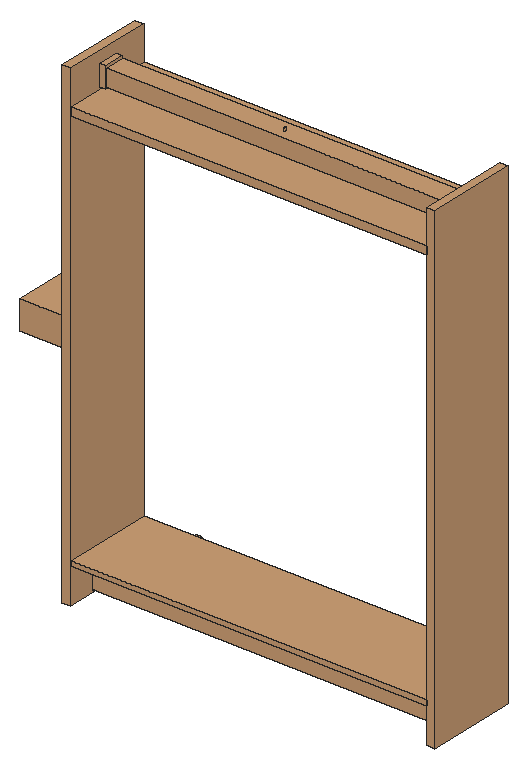
Revit family
Parameters
  Center of Unit = 0' - 0"  # constant formula
  Total Heating Capacity [instance] = 0.0 Btu/h
  Series = "VIFB"
  Outlet Area = 57.20 SF
  Lower Frame Thickness = if(Headers Height = 0' 3", 0' 1 1/4", if(Headers Height = 0' 3 1/4", 0' 1 1/4", 0' 0"))  # 0' - 1 1/4"
  Water Pressure Drop [instance] = 0.00 psi
  Water Flow [instance] = 0 GPM
  Unit Weight (lbs) = 1394
  URL = "http://www.ljwing.com/"
  Water Outlet Radius = 0' - 1 1/2"
  Headers Height = if(M = 0' 1", 0' 3", if(M = 0' 1 1/2", 0' 3 1/4", 0' 0"))  # 0' - 3 1/4"
  Number of Rows = 2  # constant formula
  Number of Coils [instance] = 0
  Nominal Length = 7' - 5 3/4"
  N = 1' - 0 3/4"
  Model = "VF-8W"
  Manufacturer = "LJ Wing"
  M = 0' - 1 1/2"
  Leaving Water Temperature [instance] = 0 °F
  Leaving Air Temperature [instance] = 0 °F
  Entering Water Temperature [instance] = 0 °F
  Entering Air Temperature [instance] = 0 °F
  Description = "Vertical Integral Face & Bypass Water Heating Coils"
  Hot Water Inlet  Radius = 0' - 1 1/2"
  Coil Face Area = Outlet Area * 0.56  # 32.032 SF
  Casing Material = ""
  Assembly Code = "D3020300"
  Air Vent Radius = 0' - 0 1/4"
  Air Pressure Drop [instance] = 0.00 in-wg
  Air Inlet Width = Nominal Length - 0' 4"  # 7' - 1 3/4"
  Air Inlet Height = Y  # 8' - 0"
  Air Flow [instance] = 0 CFM
  Y = 8' - 0"
  S = 0' - 9 3/4"  # constant formula
  Product URL = "http://www.ljwing.com/html/vifb.asp"
  OmniClass = "23-75 70 21 14 "
  Nominal Height = 9' - 8"
  Nominal Depth = 1' - 10"
  R = 0' - 10 1/4"  # constant formula
  Q = 0' - 2 7/8"
Reference planes (in)
  plane 1 "Center (Front/Back)": y = 0
  plane 2: z = -48
  plane 3 "Center (Left/Right)": x = 0
  plane 4: z = 58.25
  plane 5: x = -44.875
  plane 6: x = 44.875
  plane 7: z = -57.75
  plane 8: z = 0
  plane 9: y = -11
  plane 10: y = 11
  plane 11: z = 48
  plane 12: z = 50
  plane 13: z = -49.25
  plane 14: x = 42.875
  plane 15: x = -42.875
  plane 16: x = -42
  plane 17: x = 42
  plane 18: y = 14.0625
  plane 19: x = -55.875
  plane 20: z = 55.125
  plane 21: z = 51.125
  plane 22: y = -2.5
  plane 23: y = 2.5
  plane 24: y = -4.5
  plane 25: z = -55.375
  plane 26: x = -32.125
  plane 27: x = 32.125
  plane 28: z = -51.375
Forms (in)
  Extrusion 1, solid, material "Painted Finish"
    sketch origin (0, 6, -9.75) x (1, 0, 0) y (0, 0, 1)
      loop
        line (-44.875, -48) -> (-42.875, -48) -> (-42.875, 68) -> (-44.875, 68) -> (-44.875, -48)
      loop
        line (44.875, -48) -> (44.875, 68) -> (42.875, 68) -> (42.875, -48) -> (44.875, -48)
    from -5 to 17
  Extrusion 2, solid, material "Painted Finish"
    sketch origin (0, 6, 0) x (1, 0, 0) y (0, 0, 1)
      loop
        line (42.875, -48) -> (-42.875, -48) -> (-42.875, -49.25) -> (42.875, -49.25) -> (42.875, -48)
      loop
        line (42.875, 48) -> (42.875, 50) -> (-42.875, 50) -> (-42.875, 48) -> (42.875, 48)
    from -5 to 17
  Extrusion 3, solid, material "Painted Finish"
    sketch origin (0, 10, -0.5) x (1, 0, 0) y (0, 0, 1)
      loop
        line (-44.875, 4) -> (-55.875, 4) -> (-55.875, -3) -> (-44.875, -3) -> (-44.875, 4)
    from 0 to 20
  Extrusion 4, solid, material "Painted Finish"
    sketch origin (0, 6, 0) x (1, 0, 0) y (0, 0, 1)
      loop
        line (-41.25, 55.125) -> (-41.25, 51.125) -> (41.25, 51.125) -> (41.25, 55.125) -> (-41.25, 55.125)
    from 3.5 to 8.5
  Extrusion 5, solid, material "Painted Finish"
    sketch origin (0, 0, 0) x (1, 0, 0) y (0, 0, 1)
      loop
        line (-41.25, 50.625) -> (-41.25, 55.625) -> (-42.875, 55.625) -> (-42.875, 50.625) -> (-41.25, 50.625)
      loop
        line (42.875, 50.625) -> (42.875, 55.625) -> (41.25, 55.625) -> (41.25, 50.625) -> (42.875, 50.625)
    from -2.5 to 2.5
  Extrusion 6, solid, material "Painted Finish"
    sketch origin (0, 6, 0) x (1, 0, 0) y (0, 0, 1)
      loop
        line (-42.375, -49.75) -> (-42.375, -49.5) -> (-42.875, -49.5) -> (-42.875, -53.25) -> (-42.375, -53.25) -> (-42.375, -53) -> (42.375, -53) -> (42.375, -53.25) -> (42.875, -53.25) -> (42.875, -49.5) -> (42.375, -49.5) -> (42.375, -49.75) -> (-42.375, -49.75)
      loop
        line (42.375, -57) -> (42.375, -57.125) -> (42.875, -57.125) -> (42.875, -53.5) -> (42.375, -53.5) -> (42.375, -53.75) -> (-42.375, -53.75) -> (-42.375, -53.5) -> (-42.875, -53.5) -> (-42.875, -57.25) -> (-42.375, -57.25) -> (-42.375, -57) -> (42.375, -57)
    from -5 to 10.5
  Extrusion 7, void
    sketch origin (0, 0, 0) x (1, 0, 0) y (0, 0, 1)
      loop
        line (-42.875, 48) -> (-42.875, -48) -> (42.875, -48) -> (42.875, 48) -> (-42.875, 48)
    from -11 to 11
  Extrusion 8, solid, material "Painted Finish"
    sketch origin (0, 0, 0) x (1, 0, 0) y (0, 0, 1)
      loop
        circle (32.125, -55.375) r 1.5
      loop
        circle (-32.125, -51.375) r 1.5
    from -14.0625 to -11
  Extrusion 9, solid, material "Painted Finish"
    sketch origin (0, 0, 0) x (1, 0, 0) y (0, 1, 0)
      loop
        circle (0, 0) r 0.25
    from 55.125 to 55.625
Cuts and joins
  Extrusion 7 cuts Extrusion 1
  Extrusion 7 cuts Extrusion 2
Dimensions and locks (in)
  "Nominal Length": plane 6 to plane 5
  equal spacing: plane 6, plane 3 "Center (Left/Right)", plane 5
  "S": plane 2 to plane 7
  "Nominal Depth": plane 10 to plane 9
  equal spacing: plane 10, plane 1 "Center (Front/Back)", plane 9
  "Y": plane 11 to plane 2
  "R": plane 4 to plane 11
  locked: plane 12 to plane 11 at 2
  "Lower Frame Thickness": plane 2 to plane 13
  "Q": plane 16 to plane 5
  "Q": plane 6 to plane 17
  locked: plane 18 to plane 10 at 3.0625
  locked: plane 5 to plane 19 at 11
  locked: Extrusion 3 sketch curve to Extrusion 3 sketch curve at 7
  locked: Extrusion 3 to Extrusion 3 at 20
  locked: plane 6 to plane 14 at 2
  locked: plane 15 to plane 5 at 2
  locked: Extrusion 5 sketch curve to plane 20 at 0.5
  locked: plane 21 to Extrusion 5 sketch curve at 0.5
  locked: plane 20 to plane 21 at 4
  locked: plane 23 to plane 22 at 5
  equal spacing: plane 23, plane 1 "Center (Front/Back)", plane 22
  locked: plane 22 to plane 24 at 2
  plane 4 to plane 7 = 9' - 8"
  locked: Extrusion 5 sketch curve to Extrusion 1 at 1.625
  locked: Extrusion 5 sketch curve to Extrusion 5 sketch curve at 1.625
  locked: Extrusion 7 sketch curve to plane 11 at 0
  locked: Extrusion 7 sketch curve to plane 15 at 0
  locked: Extrusion 7 sketch curve to plane 14 at 0
  locked: plane 15 to Extrusion 6 sketch curve at 0.5
  locked: Extrusion 6 sketch curve to Extrusion 6 sketch curve at 0.25  (x2)
  locked: plane 25 to plane 7 at 2.375
  "N": plane 26 to plane 5
  "N": plane 6 to plane 27
  locked: plane 28 to plane 7 at 6.375
  "Headers Height": Extrusion 6 sketch curve to Extrusion 6 sketch curve  (x2)
  locked: Extrusion 8 sketch curve to plane 25 at 0
  locked: Extrusion 8 sketch curve to plane 28 at 0
  locked: Extrusion 9 sketch curve to plane 1 "Center (Front/Back)" at 0
  locked: Extrusion 9 sketch curve to plane 3 "Center (Left/Right)" at 0
  equal spacing: Extrusion 6 sketch curve, plane 28, Extrusion 6 sketch curve
  equal spacing: Extrusion 6 sketch curve, plane 25, Extrusion 6 sketch curve
  locked: plane 4 to plane 20 at 3.125
  locked: Extrusion 7 sketch curve to plane 2 at 0
  equal spacing: plane 11, plane 8, plane 2
  locked: Extrusion 8 sketch curve to plane 27 at 0
  locked: Extrusion 8 sketch curve to plane 26 at 0
  "M": radius of Extrusion 8 sketch curve  (x2)
  "Air Vent Radius": radius of Extrusion 9 sketch curve
  aligned and locked: Extrusion 1 to plane 9
  aligned and locked: Extrusion 1 to plane 10
  aligned and locked: Extrusion 1 to plane 15
  aligned and locked: Extrusion 1 to plane 14
  aligned and locked: Extrusion 2 to plane 9
  aligned and locked: plane 9 to Extrusion 1
  aligned and locked: plane 10 to Extrusion 1  (x2)
  aligned and locked: Extrusion 2 to plane 10
  aligned and locked: plane 10 to Extrusion 2  (x2)
  aligned and locked: plane 9 to Extrusion 2  (x2)
  aligned and locked: plane 5 to Extrusion 3
  aligned and locked: Extrusion 5 sketch curve to plane 15
  aligned and locked: Extrusion 5 sketch curve to Extrusion 4
  aligned and locked: Extrusion 1 to Extrusion 6
  aligned and locked: plane 22 to Extrusion 5
  aligned and locked: Extrusion 5 to Extrusion 4  (x2)
  aligned and locked: Extrusion 5 to plane 23
  aligned and locked: Extrusion 6 to plane 24
  aligned and locked: Extrusion 4 to Extrusion 5  (x2)
  aligned and locked: Extrusion 5 to Extrusion 1  (x2)
  aligned and locked: Extrusion 1 to Extrusion 7  (x2)
  aligned and locked: plane 18 to Extrusion 8
  aligned and locked: Extrusion 8 to plane 10
  aligned and locked: plane 20 to Extrusion 9
  aligned and locked: Extrusion 9 to Extrusion 5
  aligned and locked: plane 2 to cut or joined group of Extrusion 2, Extrusion 7
  aligned and locked: Extrusion 1 sketch curve to plane 6
  aligned and locked: Extrusion 1 sketch curve to plane 14
  aligned and locked: Extrusion 1 sketch curve to plane 15
  aligned and locked: Extrusion 1 sketch curve to plane 5
  aligned and locked: Extrusion 1 sketch curve to plane 4  (x2)
  aligned and locked: plane 7 to Extrusion 1 sketch curve  (x2)
  aligned and locked: Extrusion 2 sketch curve to plane 11
  aligned and locked: Extrusion 2 sketch curve to plane 12
  aligned and locked: plane 2 to Extrusion 2 sketch curve
  aligned and locked: Extrusion 2 sketch curve to plane 13
  aligned and locked: plane 14 to Extrusion 2 sketch curve
  aligned and locked: plane 15 to Extrusion 2 sketch curve
  aligned and locked: Extrusion 2 sketch curve to plane 15
  aligned and locked: Extrusion 2 sketch curve to plane 14
  aligned and locked: plane 20 to Extrusion 4 sketch curve
  aligned and locked: Extrusion 4 sketch curve to plane 21
  aligned and locked: plane 14 to Extrusion 6 sketch curve  (x2)
  aligned and locked: Extrusion 6 sketch curve to plane 15  (x2)
Automatic sketch dimensions
  Extrusion 3 sketch curve to plane 19 = 0' - 0"
  Extrusion 3 sketch curve to plane 5 = 0' - 0"
  plane 8 to Extrusion 3 sketch curve = 0' - 3 1/2"
  plane 16 to Extrusion 4 sketch curve = 0' - 0 3/4"
  Extrusion 4 sketch curve to plane 17 = 0' - 0 3/4"
  plane 21 to Extrusion 5 sketch curve = 0' - 0 1/2"
  Extrusion 5 sketch curve to plane 20 = 0' - 0 1/2"
  plane 15 to Extrusion 6 sketch curve = 0' - 0 1/2"  (x2)
  Extrusion 6 sketch curve to Extrusion 6 sketch curve = 0' - 0 1/4"  (x5)
  Extrusion 6 sketch curve to Extrusion 6 sketch curve = 0' - 0"  (x2)
  Extrusion 6 sketch curve to plane 14 = 0' - 0 1/2"  (x2)
  Extrusion 6 sketch curve to Extrusion 6 sketch curve = 0' - 0 1/2"
  Extrusion 6 sketch curve to plane 7 = 0' - 0 5/8"
Connectors (in)
  hvac at (0, -11, 0), driven by "Air Inlet Height", driven by "Air Inlet Width", driven by "Air Flow", driven by "Air Pressure Drop"
    settings: on Extrusion 7, index 1
  hvac at (0, 11, 0), driven by "Air Pressure Drop", driven by "Air Inlet Height", driven by "Air Inlet Width", driven by "Air Flow"
    settings: on Extrusion 7, index 2
  piping at (-32.125, 14.0625, -51.375), driven by "M", driven by "Water Flow", driven by "Water Pressure Drop"
    settings: on Extrusion 8, index 4
  piping at (32.125, 14.0625, -55.375), driven by "Water Pressure Drop", driven by "Water Flow", driven by "M"
    settings: on Extrusion 8, index 5
